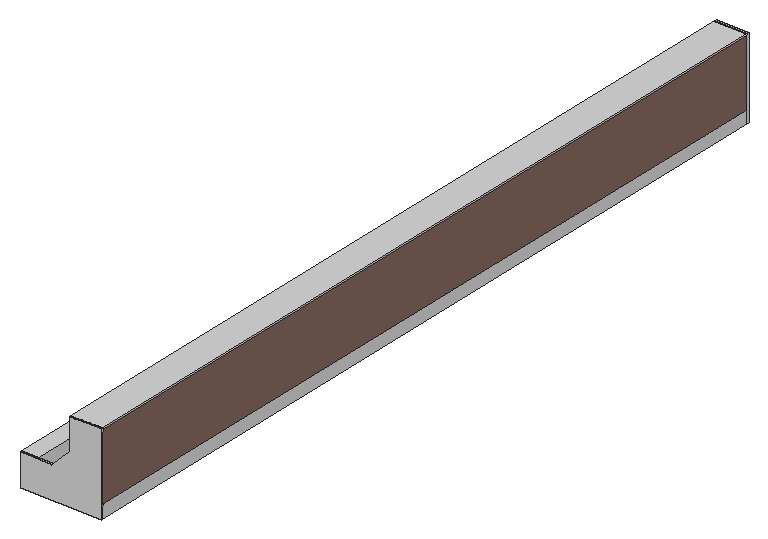
Revit family "MF_INSIDE CORNER 10'_1904626", category Generic Models, Revit 2018
Family settings
  Can host rebar = No
  Round Connector Dimension = Use Diameter
  Part Type = Normal
  OmniClass Number = 35.51.14.00
  OmniClass Title = FORMWORK
  Work Plane-Based = Yes
  Always vertical = No
  Cut with Voids When Loaded = No
  Shared = Yes
  Room Calculation Point = No
Parameters
  VERSION = "20190101"  # constant formula
  URL = "www.ulmaconstruction.com/en"
  UNICLASS = ""
  ITEM_CODE = "1904626"
  Manufacturer = "ULMA CONSTRUCTION"  # constant formula
  FILTER [instance] = ""
  Default Elevation = 0"
  CLASSIFICATION_TITLE = ""
  CLASSIFICATION_NUMBER = ""
Reference planes (in)
  plane 1 "Centro (Frontal/Posterior)": y = 0
  plane 2: z = 0
  plane 3 "Centro (Izquierda/Derecha)": x = 0
  plane 4 "ITEM_HEIGHT": y = 120
Forms (in)
  Extrusion 1, solid, material "ULMA ZINC", detail levels fine
    sketch origin (0, 0, 0) x (1, 0, 0) y (0, 0, 1)
      loop
        line (-4.72435, 12.03937) -> (-4.72435, 9.48036) -> (-2.3217, 9.48036)
        arc (-2.3217, 9.48036) -> (-2.19128, 9.51962) -> (-2.10421, 9.62434) r 0.23626
        line (-2.10421, 9.62434) -> (-1.98199, 9.9124)
        arc (-1.98199, 9.9124) -> (-1.94565, 9.95611) -> (-1.89123, 9.97249) r 0.09859
        line (-1.89123, 9.97249) -> (-1.27952, 9.97249)
        arc (-1.27952, 9.97249) -> (-1.20993, 9.94366) -> (-1.1811, 9.87406) r 0.09843
        line (-1.1811, 9.87406) -> (-1.1811, 9.61816)
        arc (-1.1811, 9.61816) -> (-1.14074, 9.52072) -> (-1.0433, 9.48036) r 0.1378
        line (-1.0433, 9.48036) -> (-0.7874, 9.48036) -> (-0.7874, 11.72966) -> (0, 11.72966) -> (0, 12.03937) -> (-4.72435, 12.03937)
    from -119.68504 to -0.31496
  Extrusion 2, solid, material "ULMA ZINC", detail levels fine
    sketch origin (0, 0, 0) x (0, 0, -1) y (1, 0, 0)
      loop
        line (-4.72435, -12.03937) -> (0, -12.03937) -> (0, -11.72966) -> (-0.7874, -11.72966) -> (-0.7874, -9.48036) -> (-1.0433, -9.48036)
        arc (-1.0433, -9.48036) -> (-1.14074, -9.52072) -> (-1.1811, -9.61816) r 0.1378
        line (-1.1811, -9.61816) -> (-1.1811, -9.87406)
        arc (-1.1811, -9.87406) -> (-1.20993, -9.94366) -> (-1.27952, -9.97249) r 0.09843
        line (-1.27952, -9.97249) -> (-1.89123, -9.97249)
        arc (-1.89123, -9.97249) -> (-1.94565, -9.95611) -> (-1.98199, -9.9124) r 0.09859
        line (-1.98199, -9.9124) -> (-2.10421, -9.62434)
        arc (-2.10421, -9.62434) -> (-2.19128, -9.51962) -> (-2.3217, -9.48036) r 0.23626
        line (-2.3217, -9.48036) -> (-4.72435, -9.48036) -> (-4.72435, -12.03937)
    from -119.68504 to -0.31496
  Extrusion 3, solid, material "ULMA ZINC", detail levels fine
    sketch origin (-28.44404, 13.1811, -5.83792) x (1, 0, 0) y (0, 0, 1)
      loop
        line (23.71963, 10.56227) -> (18.96368, 10.56227) -> (18.96368, 6.62526) -> (25.49127, 6.62526) -> (25.49127, 6.74343) -> (26.81801, 6.74343) -> (26.81801, 7.4639) -> (27.53853, 7.4639) -> (27.53853, 8.79068) -> (27.65664, 8.79068) -> (27.65664, 15.31828) -> (23.71963, 15.31828) -> (23.71963, 10.56227)
    from 0 to 2.3622
  Extrusion 4, solid, material "ULMA ZINC", detail levels fine
    sketch origin (-28.44404, 25.1811, -5.83792) x (1, 0, 0) y (0, 0, 1)
      loop
        line (23.71963, 10.56227) -> (18.96368, 10.56227) -> (18.96368, 6.62526) -> (25.49127, 6.62526) -> (25.49127, 6.74343) -> (26.81801, 6.74343) -> (26.81801, 7.4639) -> (27.53853, 7.4639) -> (27.53853, 8.79068) -> (27.65664, 8.79068) -> (27.65664, 15.31828) -> (23.71963, 15.31828) -> (23.71963, 10.56227)
    from 0 to 2.3622
  Extrusion 5, solid, material "ULMA ZINC", detail levels fine
    sketch origin (-28.44404, 37.1811, -5.83792) x (1, 0, 0) y (0, 0, 1)
      loop
        line (23.71963, 10.56227) -> (18.96368, 10.56227) -> (18.96368, 6.62526) -> (25.49127, 6.62526) -> (25.49127, 6.74343) -> (26.81801, 6.74343) -> (26.81801, 7.4639) -> (27.53853, 7.4639) -> (27.53853, 8.79068) -> (27.65664, 8.79068) -> (27.65664, 15.31828) -> (23.71963, 15.31828) -> (23.71963, 10.56227)
    from 0 to 2.3622
  Extrusion 6, solid, material "ULMA ZINC", detail levels fine
    sketch origin (-28.44404, 49.1811, -5.83792) x (1, 0, 0) y (0, 0, 1)
      loop
        line (23.71963, 10.56227) -> (18.96368, 10.56227) -> (18.96368, 6.62526) -> (25.49127, 6.62526) -> (25.49127, 6.74343) -> (26.81801, 6.74343) -> (26.81801, 7.4639) -> (27.53853, 7.4639) -> (27.53853, 8.79068) -> (27.65664, 8.79068) -> (27.65664, 15.31828) -> (23.71963, 15.31828) -> (23.71963, 10.56227)
    from 0 to 2.3622
  Extrusion 7, solid, material "ULMA ZINC", detail levels fine
    sketch origin (-28.44404, 61.1811, -5.83792) x (1, 0, 0) y (0, 0, 1)
      loop
        line (23.71963, 10.56227) -> (18.96368, 10.56227) -> (18.96368, 6.62526) -> (25.49127, 6.62526) -> (25.49127, 6.74343) -> (26.81801, 6.74343) -> (26.81801, 7.4639) -> (27.53853, 7.4639) -> (27.53853, 8.79068) -> (27.65664, 8.79068) -> (27.65664, 15.31828) -> (23.71963, 15.31828) -> (23.71963, 10.56227)
    from 0 to 2.3622
  Extrusion 8, solid, material "ULMA ZINC", detail levels fine
    sketch origin (-28.44404, 73.1811, -5.83792) x (1, 0, 0) y (0, 0, 1)
      loop
        line (23.71963, 10.56227) -> (18.96368, 10.56227) -> (18.96368, 6.62526) -> (25.49127, 6.62526) -> (25.49127, 6.74343) -> (26.81801, 6.74343) -> (26.81801, 7.4639) -> (27.53853, 7.4639) -> (27.53853, 8.79068) -> (27.65664, 8.79068) -> (27.65664, 15.31828) -> (23.71963, 15.31828) -> (23.71963, 10.56227)
    from 0 to 2.3622
  Extrusion 9, solid, material "ULMA ZINC", detail levels fine
    sketch origin (-28.44404, 85.1811, -5.83792) x (1, 0, 0) y (0, 0, 1)
      loop
        line (23.71963, 10.56227) -> (18.96368, 10.56227) -> (18.96368, 6.62526) -> (25.49127, 6.62526) -> (25.49127, 6.74343) -> (26.81801, 6.74343) -> (26.81801, 7.4639) -> (27.53853, 7.4639) -> (27.53853, 8.79068) -> (27.65664, 8.79068) -> (27.65664, 15.31828) -> (23.71963, 15.31828) -> (23.71963, 10.56227)
    from 0 to 2.3622
  Extrusion 10, solid, material "ULMA ZINC", detail levels fine
    sketch origin (-28.44404, 97.1811, -5.83792) x (1, 0, 0) y (0, 0, 1)
      loop
        line (23.71963, 10.56227) -> (18.96368, 10.56227) -> (18.96368, 6.62526) -> (25.49127, 6.62526) -> (25.49127, 6.74343) -> (26.81801, 6.74343) -> (26.81801, 7.4639) -> (27.53853, 7.4639) -> (27.53853, 8.79068) -> (27.65664, 8.79068) -> (27.65664, 15.31828) -> (23.71963, 15.31828) -> (23.71963, 10.56227)
    from 0 to 2.3622
  Extrusion 11, solid, material "ULMA ZINC", detail levels fine
    sketch origin (-28.44404, 109.1811, -5.83792) x (1, 0, 0) y (0, 0, 1)
      loop
        line (23.71963, 10.56227) -> (18.96368, 10.56227) -> (18.96368, 6.62526) -> (25.49127, 6.62526) -> (25.49127, 6.74343) -> (26.81801, 6.74343) -> (26.81801, 7.4639) -> (27.53853, 7.4639) -> (27.53853, 8.79068) -> (27.65664, 8.79068) -> (27.65664, 15.31828) -> (23.71963, 15.31828) -> (23.71963, 10.56227)
    from 0 to 2.3622
  Extrusion 12, solid, material "ULMA ZINC", detail levels fine
    sketch origin (0, 0, 0) x (1, 0, 0) y (0, 0, 1)
      loop
        line (0, 1.95053) -> (-0.7874, 1.95053) -> (-0.7874, 2.95276) -> (-0.90551, 2.95276) -> (-0.90551, 1.83242) -> (-0.11811, 1.83242) -> (-0.11811, 0.11811) -> (-1.83317, 0.11811) -> (-1.83317, 0.90551) -> (-2.95276, 0.90551) -> (-2.95276, 0.7874) -> (-1.95128, 0.7874) -> (-1.95128, 0) -> (0, 0) -> (0, 1.95053)
    from -119.68504 to -0.31496
  Extrusion 13, solid, material "ULMA ZINC", detail levels fine
    sketch origin (0, 0, 0) x (1, 0, 0) y (0, 0, 1)
      loop
        line (0, 12.03937) -> (-4.72441, 12.03937) -> (-4.72441, 7.31496) -> (-7.31502, 4.72435) -> (-12.03937, 4.72435) -> (-12.03937, 0) -> (0, 0) -> (0, 12.03937)
    from 0 to -0.31496
  Extrusion 14, solid, material "ULMA ZINC", detail levels fine
    sketch origin (0, 119.68504, 0) x (1, 0, 0) y (0, 0, 1)
      loop
        line (0, 12.03937) -> (-4.72441, 12.03937) -> (-4.72441, 7.31496) -> (-7.31502, 4.72435) -> (-12.03937, 4.72435) -> (-12.03937, 0) -> (0, 0) -> (0, 12.03937)
    from 0 to -0.31496
  Extrusion 15, solid, material "ULMA PLYWOOD", detail levels fine
    sketch origin (0, 0, 0) x (0, 1, 0) y (0, 0, 1)
      loop
        line (0.31496, 11.72966) -> (0.31496, 1.95053) -> (119.68504, 1.95053) -> (119.68504, 11.72966) -> (0.31496, 11.72966)
    from 0 to -0.7874
  Extrusion 16, solid, material "ULMA PLYWOOD", detail levels fine
    sketch origin (-13.68094, 0, 0.7874) x (1, 0, 0) y (0, 1, 0)
      loop
        line (11.72966, 0.31496) -> (11.72966, 119.68504) -> (1.95053, 119.68504) -> (1.95053, 0.31496) -> (11.72966, 0.31496)
    from 0 to -0.7874
  Extrusion 17, solid, material "ULMA ZINC", detail levels coarse+medium
    sketch origin (0, 0, 0) x (1, 0, 0) y (0, 0, 1)
      loop
        line (-12.03937, 0) -> (0, 0) -> (0, 12.03937) -> (-4.72441, 12.03937) -> (-4.72441, 4.72435) -> (-12.03937, 4.72435) -> (-12.03937, 0)
    from 0 to -120
  Extrusion 18, solid, material "ULMA ZINC", detail levels fine
    sketch origin (0, 0, 0) x (1, 0, 0) y (0, 1, 0)
      loop
        circle (-3.03931, 105) r 0.74803
    from 9.16539 to 9.48036
  Extrusion 19, solid, material "ULMA ZINC", detail levels fine
    sketch origin (0, -18, 0) x (1, 0, 0) y (0, 1, 0)
      loop
        circle (-3.03931, 105) r 0.74803
    from 9.16539 to 9.48036
  Extrusion 20, solid, material "ULMA ZINC", detail levels fine
    sketch origin (0, -36, 0) x (1, 0, 0) y (0, 1, 0)
      loop
        circle (-3.03931, 105) r 0.74803
    from 9.16539 to 9.48036
  Extrusion 21, solid, material "ULMA ZINC", detail levels fine
    sketch origin (0, -54, 0) x (1, 0, 0) y (0, 1, 0)
      loop
        circle (-3.03931, 105) r 0.74803
    from 9.16539 to 9.48036
  Extrusion 22, solid, material "ULMA ZINC", detail levels fine
    sketch origin (0, -72, 0) x (1, 0, 0) y (0, 1, 0)
      loop
        circle (-3.03931, 105) r 0.74803
    from 9.16539 to 9.48036
  Extrusion 23, solid, material "ULMA ZINC", detail levels fine
    sketch origin (0, -90, 0) x (1, 0, 0) y (0, 1, 0)
      loop
        circle (-3.03931, 105) r 0.74803
    from 9.16539 to 9.48036
  Extrusion 24, solid, material "ULMA ZINC", detail levels fine
    sketch origin (-18.64576, 0, 0) x (0, 0, -1) y (0, 1, 0)
      loop
        circle (-3.03931, 105) r 0.74803
    from 9.16539 to 9.48036
  Extrusion 25, solid, material "ULMA ZINC", detail levels fine
    sketch origin (-18.64576, -18, 0) x (0, 0, -1) y (0, 1, 0)
      loop
        circle (-3.03931, 105) r 0.74803
    from 9.16539 to 9.48036
  Extrusion 26, solid, material "ULMA ZINC", detail levels fine
    sketch origin (-18.64576, -36, 0) x (0, 0, -1) y (0, 1, 0)
      loop
        circle (-3.03931, 105) r 0.74803
    from 9.16539 to 9.48036
  Extrusion 27, solid, material "ULMA ZINC", detail levels fine
    sketch origin (-18.64576, -54, 0) x (0, 0, -1) y (0, 1, 0)
      loop
        circle (-3.03931, 105) r 0.74803
    from 9.16539 to 9.48036
  Extrusion 28, solid, material "ULMA ZINC", detail levels fine
    sketch origin (-18.64576, -72, 0) x (0, 0, -1) y (0, 1, 0)
      loop
        circle (-3.03931, 105) r 0.74803
    from 9.16539 to 9.48036
  Extrusion 29, solid, material "ULMA ZINC", detail levels fine
    sketch origin (-18.64576, -90, 0) x (0, 0, -1) y (0, 1, 0)
      loop
        circle (-3.03931, 105) r 0.74803
    from 9.16539 to 9.48036
  Extrusion 30, solid, material "ULMA ZINC", detail levels fine
    sketch origin (0, 0, 0) x (0, 1, 0) y (0, 0, 1)
      loop
        line (118.6811, 0.7874) -> (119.66535, 0.7874) -> (119.66535, 1.77165) -> (118.6811, 1.77165) -> (118.6811, 0.7874)
    from -9.48036 to -2.95276
  Extrusion 31, solid, material "ULMA ZINC", detail levels fine
    sketch origin (0, -118.34646, 0) x (0, 1, 0) y (0, 0, 1)
      loop
        line (118.6811, 0.7874) -> (119.66535, 0.7874) -> (119.66535, 1.77165) -> (118.6811, 1.77165) -> (118.6811, 0.7874)
    from -9.48036 to -2.95276
  Extrusion 32, solid, material "ULMA ZINC", detail levels fine
    sketch origin (0, 0, 0) x (1, 0, 0) y (0, 1, 0)
      loop
        line (-1.77165, 1.3189) -> (-1.77165, 0.33465) -> (-0.7874, 0.33465) -> (-0.7874, 1.3189) -> (-1.77165, 1.3189)
    from 2.95276 to 9.48036
  Extrusion 33, solid, material "ULMA ZINC", detail levels fine
    sketch origin (0, 118.34646, 0) x (1, 0, 0) y (0, 1, 0)
      loop
        line (-1.77165, 1.3189) -> (-1.77165, 0.33465) -> (-0.7874, 0.33465) -> (-0.7874, 1.3189) -> (-1.77165, 1.3189)
    from 2.95276 to 9.48036
Lines and regions (in)
  model lines, style "ULMA PANELS", detail levels fine
    curve 1: circle (-3.14961, 13.1811, 6.03932) r 0.40354 normal (0, -1, 0)
    curve 2: circle (-6.03937, 13.1811, 3.14955) r 0.40354 normal (0, -1, 0)
    curve 3: circle (-3.14961, 10.8189, 6.03932) r 0.40354 normal (0, -1, 0)
    curve 4: circle (-6.03937, 10.8189, 3.14955) r 0.40354 normal (0, -1, 0)
    curve 5: circle (-3.14961, 25.1811, 6.03932) r 0.40354 normal (0, -1, 0)
    curve 6: circle (-6.03937, 25.1811, 3.14955) r 0.40354 normal (0, -1, 0)
    curve 7: circle (-3.14961, 22.8189, 6.03932) r 0.40354 normal (0, -1, 0)
    curve 8: circle (-6.03937, 22.8189, 3.14955) r 0.40354 normal (0, -1, 0)
    curve 9: circle (-3.14961, 37.1811, 6.03932) r 0.40354 normal (0, -1, 0)
    curve 10: circle (-6.03937, 37.1811, 3.14955) r 0.40354 normal (0, -1, 0)
    curve 11: circle (-3.14961, 34.8189, 6.03932) r 0.40354 normal (0, -1, 0)
    curve 12: circle (-6.03937, 34.8189, 3.14955) r 0.40354 normal (0, -1, 0)
    curve 13: circle (-3.14961, 49.1811, 6.03932) r 0.40354 normal (0, -1, 0)
    curve 14: circle (-6.03937, 49.1811, 3.14955) r 0.40354 normal (0, -1, 0)
    curve 15: circle (-3.14961, 46.8189, 6.03932) r 0.40354 normal (0, -1, 0)
    curve 16: circle (-6.03937, 46.8189, 3.14955) r 0.40354 normal (0, -1, 0)
    curve 17: circle (-3.14961, 61.1811, 6.03932) r 0.40354 normal (0, -1, 0)
    curve 18: circle (-6.03937, 61.1811, 3.14955) r 0.40354 normal (0, -1, 0)
    curve 19: circle (-3.14961, 58.8189, 6.03932) r 0.40354 normal (0, -1, 0)
    curve 20: circle (-6.03937, 58.8189, 3.14955) r 0.40354 normal (0, -1, 0)
    curve 21: circle (-3.14961, 73.1811, 6.03932) r 0.40354 normal (0, -1, 0)
    curve 22: circle (-6.03937, 73.1811, 3.14955) r 0.40354 normal (0, -1, 0)
    curve 23: circle (-3.14961, 70.8189, 6.03932) r 0.40354 normal (0, -1, 0)
    curve 24: circle (-6.03937, 70.8189, 3.14955) r 0.40354 normal (0, -1, 0)
    curve 25: circle (-3.14961, 85.1811, 6.03932) r 0.40354 normal (0, -1, 0)
    curve 26: circle (-6.03937, 85.1811, 3.14955) r 0.40354 normal (0, -1, 0)
    curve 27: circle (-3.14961, 82.8189, 6.03932) r 0.40354 normal (0, -1, 0)
    curve 28: circle (-6.03937, 82.8189, 3.14955) r 0.40354 normal (0, -1, 0)
    curve 29: circle (-3.14961, 97.1811, 6.03932) r 0.40354 normal (0, -1, 0)
    curve 30: circle (-6.03937, 97.1811, 3.14955) r 0.40354 normal (0, -1, 0)
    curve 31: circle (-3.14961, 94.8189, 6.03932) r 0.40354 normal (0, -1, 0)
    curve 32: circle (-6.03937, 94.8189, 3.14955) r 0.40354 normal (0, -1, 0)
    curve 33: circle (-3.14961, 109.1811, 6.03932) r 0.40354 normal (0, -1, 0)
    curve 34: circle (-6.03937, 109.1811, 3.14955) r 0.40354 normal (0, -1, 0)
    curve 35: circle (-3.14961, 106.8189, 6.03932) r 0.40354 normal (0, -1, 0)
    curve 36: circle (-6.03937, 106.8189, 3.14955) r 0.40354 normal (0, -1, 0)
    curve 37: circle (-3.14961, 0, 6.03932) r 0.3937 normal (0, -1, 0)
    curve 38: circle (-6.03937, 0, 3.14955) r 0.3937 normal (0, -1, 0)
    curve 39: circle (-0.59055, 0, 0.59055) r 0.3937 normal (0, -1, 0)
    curve 40: circle (-3.14961, 120, 6.03932) r 0.3937 normal (0, -1, 0)
    curve 41: circle (-6.03937, 120, 3.14955) r 0.3937 normal (0, -1, 0)
    curve 42: circle (-0.59055, 120, 0.59055) r 0.3937 normal (0, -1, 0)
    curve 43: circle (-12.03937, 105, 3.03931) r 0.43307 normal (1, 0, 0)
    curve 44: circle (-12.03937, 87, 3.03931) r 0.43307 normal (1, 0, 0)
    curve 45: circle (-12.03937, 69, 3.03931) r 0.43307 normal (1, 0, 0)
    curve 46: circle (-12.03937, 51, 3.03931) r 0.43307 normal (1, 0, 0)
    curve 47: circle (-12.03937, 33, 3.03931) r 0.43307 normal (1, 0, 0)
    curve 48: circle (-12.03937, 15, 3.03931) r 0.43307 normal (1, 0, 0)
    curve 49: circle (-3.03931, 105, 12.03937) r 0.43307 normal (0, 0, 1)
    curve 50: circle (-3.03931, 87, 12.03937) r 0.43307 normal (0, 0, 1)
    curve 51: circle (-3.03931, 69, 12.03937) r 0.43307 normal (0, 0, 1)
    curve 52: circle (-3.03931, 51, 12.03937) r 0.43307 normal (0, 0, 1)
    curve 53: circle (-3.03931, 33, 12.03937) r 0.43307 normal (0, 0, 1)
    curve 54: circle (-3.03931, 15, 12.03937) r 0.43307 normal (0, 0, 1)
    curve 55: circle (-4.72441, 22.08661, 10.7598) r 0.82677 normal (1, 0, 0)
    curve 56: arc (-4.72441, 21.63386, 11.58657) -> (-4.72441, 20.80709, 10.7598) -> (-4.72441, 21.63386, 9.93302) r 0.82677
    curve 57: arc (-4.72441, 22.53937, 9.93302) -> (-4.72441, 23.36614, 10.7598) -> (-4.72441, 22.53937, 11.58657) r 0.82677
    curve 58: line (-4.72441, 22.53937, 11.58657) -> (-4.72441, 21.63386, 11.58657)
    curve 59: line (-4.72441, 22.53937, 9.93302) -> (-4.72441, 21.63386, 9.93302)
    curve 60: circle (-4.72441, 45.45669, 10.75981) r 0.82677 normal (1, 0, 0)
    curve 61: arc (-4.72441, 45.00394, 11.58658) -> (-4.72441, 44.17717, 10.75981) -> (-4.72441, 45.00394, 9.93304) r 0.82677
    curve 62: arc (-4.72441, 45.90945, 9.93304) -> (-4.72441, 46.73622, 10.75981) -> (-4.72441, 45.90945, 11.58658) r 0.82677
    curve 63: line (-4.72441, 45.90945, 11.58658) -> (-4.72441, 45.00394, 11.58658)
    curve 64: line (-4.72441, 45.90945, 9.93304) -> (-4.72441, 45.00394, 9.93304)
    curve 65: circle (-4.72441, 74.54331, 10.75983) r 0.82677 normal (1, 0, 0)
    curve 66: arc (-4.72441, 74.09055, 11.5866) -> (-4.72441, 73.26378, 10.75983) -> (-4.72441, 74.09055, 9.93306) r 0.82677
    curve 67: arc (-4.72441, 74.99606, 9.93306) -> (-4.72441, 75.82283, 10.75983) -> (-4.72441, 74.99606, 11.5866) r 0.82677
    curve 68: line (-4.72441, 74.99606, 11.5866) -> (-4.72441, 74.09055, 11.5866)
    curve 69: line (-4.72441, 74.99606, 9.93306) -> (-4.72441, 74.09055, 9.93306)
    curve 70: circle (-4.72441, 97.91339, 10.75984) r 0.82677 normal (1, 0, 0)
    curve 71: arc (-4.72441, 97.46063, 11.58661) -> (-4.72441, 96.63386, 10.75984) -> (-4.72441, 97.46063, 9.93307) r 0.82677
    curve 72: arc (-4.72441, 98.36614, 9.93307) -> (-4.72441, 99.19291, 10.75984) -> (-4.72441, 98.36614, 11.58661) r 0.82677
    curve 73: line (-4.72441, 98.36614, 11.58661) -> (-4.72441, 97.46063, 11.58661)
    curve 74: line (-4.72441, 98.36614, 9.93307) -> (-4.72441, 97.46063, 9.93307)
    curve 75: circle (-10.75984, 22.08661, 4.72435) r 0.82677 normal (0, 0, 1)
    curve 76: circle (-10.75989, 45.45669, 4.72435) r 0.82677 normal (0, 0, 1)
    curve 77: circle (-10.75989, 74.54331, 4.72435) r 0.82677 normal (0, 0, 1)
    curve 78: arc (-9.93312, 98.36614, 4.72435) -> (-10.75989, 99.19291, 4.72435) -> (-11.58666, 98.36614, 4.72435) r 0.82677
    curve 79: arc (-11.58666, 97.46063, 4.72435) -> (-10.75989, 96.63386, 4.72435) -> (-9.93312, 97.46063, 4.72435) r 0.82677
    curve 80: circle (-10.75989, 97.91339, 4.72435) r 0.82677 normal (0, 0, 1)
    curve 81: line (-11.58666, 98.36614, 4.72435) -> (-11.58666, 97.46063, 4.72435)
    curve 82: line (-9.93312, 98.36614, 4.72435) -> (-9.93312, 97.46063, 4.72435)
    curve 83: arc (-9.93312, 74.99606, 4.72435) -> (-10.75989, 75.82283, 4.72435) -> (-11.58666, 74.99606, 4.72435) r 0.82677
    curve 84: arc (-11.58666, 74.09055, 4.72435) -> (-10.75989, 73.26378, 4.72435) -> (-9.93312, 74.09055, 4.72435) r 0.82677
    curve 85: line (-11.58666, 74.99606, 4.72435) -> (-11.58666, 74.09055, 4.72435)
    curve 86: line (-9.93312, 74.99606, 4.72435) -> (-9.93312, 74.09055, 4.72435)
    curve 87: arc (-9.93312, 45.90945, 4.72435) -> (-10.75989, 46.73622, 4.72435) -> (-11.58666, 45.90945, 4.72435) r 0.82677
    curve 88: arc (-11.58666, 45.00394, 4.72435) -> (-10.75989, 44.17717, 4.72435) -> (-9.93312, 45.00394, 4.72435) r 0.82677
    curve 89: line (-11.58666, 45.90945, 4.72435) -> (-11.58666, 45.00394, 4.72435)
    curve 90: line (-9.93312, 45.90945, 4.72435) -> (-9.93312, 45.00394, 4.72435)
    curve 91: arc (-9.93307, 22.53937, 4.72435) -> (-10.75984, 23.36614, 4.72435) -> (-11.58661, 22.53937, 4.72435) r 0.82677
    curve 92: arc (-11.58661, 21.63386, 4.72435) -> (-10.75984, 20.80709, 4.72435) -> (-9.93307, 21.63386, 4.72435) r 0.82677
    curve 93: line (-11.58661, 22.53937, 4.72435) -> (-11.58661, 21.63386, 4.72435)
    curve 94: line (-9.93307, 22.53937, 4.72435) -> (-9.93307, 21.63386, 4.72435)
    curve 95: circle (-10.75984, 22.08661, 0) r 0.82677 normal (0, 0, 1)
    curve 96: circle (-10.75989, 45.45669, 0) r 0.82677 normal (0, 0, 1)
    curve 97: circle (-10.75989, 74.54331, 0) r 0.82677 normal (0, 0, 1)
    curve 98: circle (-10.75989, 97.91339, 0) r 0.82677 normal (0, 0, 1)
    curve 99: circle (0, 22.08661, 10.7598) r 0.82677 normal (1, 0, 0)
    curve 100: circle (0, 45.45669, 10.75981) r 0.82677 normal (1, 0, 0)
    curve 101: circle (0, 74.54331, 10.75983) r 0.82677 normal (1, 0, 0)
    curve 102: circle (0, 97.91339, 10.75984) r 0.82677 normal (1, 0, 0)
    curve 103: circle (-9.16539, 105, 3.03931) r 0.43307 normal (1, 0, 0)
    curve 104: circle (-9.16539, 87, 3.03931) r 0.43307 normal (1, 0, 0)
    curve 105: circle (-9.16539, 69, 3.03931) r 0.43307 normal (1, 0, 0)
    curve 106: circle (-9.16539, 51, 3.03931) r 0.43307 normal (1, 0, 0)
    curve 107: circle (-9.16539, 33, 3.03931) r 0.43307 normal (1, 0, 0)
    curve 108: circle (-9.16539, 15, 3.03931) r 0.43307 normal (1, 0, 0)
    curve 109: circle (-3.03931, 51, 9.16539) r 0.43307 normal (0, 0, 1)
    curve 110: circle (-3.03931, 105, 9.16539) r 0.43307 normal (0, 0, 1)
    curve 111: circle (-3.03931, 87, 9.16539) r 0.43307 normal (0, 0, 1)
    curve 112: circle (-3.03931, 69, 9.16539) r 0.43307 normal (0, 0, 1)
    curve 113: circle (-3.03931, 33, 9.16539) r 0.43307 normal (0, 0, 1)
    curve 114: circle (-3.03931, 15, 9.16539) r 0.43307 normal (0, 0, 1)
    curve 115: circle (-3.14961, 0.31496, 6.03932) r 0.3937 normal (0, -1, 0)
    curve 116: circle (-6.03937, 0.31496, 3.14955) r 0.3937 normal (0, -1, 0)
    curve 117: circle (-0.59055, 0.31496, 0.59055) r 0.3937 normal (0, -1, 0)
    curve 118: circle (-3.14961, 119.68504, 6.03932) r 0.3937 normal (0, -1, 0)
    curve 119: circle (-6.03937, 119.68504, 3.14955) r 0.3937 normal (0, -1, 0)
    curve 120: circle (-0.59055, 119.68504, 0.59055) r 0.3937 normal (0, -1, 0)
Dimensions and locks (in)
  aligned and locked: level to plane 2
